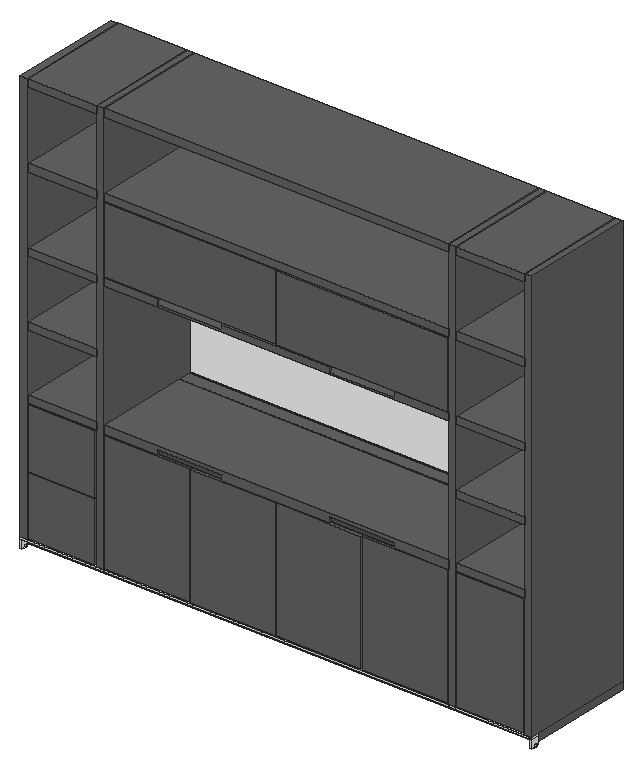
Revit family "Storage-Wall-Teknion-ZXDS_90_High_With_Lights-R2011", category Furniture Systems, Revit 2013
Parameters (values of type "(See Type Catalog)")
  Working Wall Finish [instance] = Glass - Teknion - K6 - White Backpainted
  Width = 108 105/128"
  Warranty = "http://www.teknionstudio.com/pdfs/Teknion%20Studio%20Warranty.pdf"
  Wall Unit Finish [instance] = Veneer - Teknion - P7 - Grey Oak
  Voltage = 120 V
  Unit Weight = 820.00 lbf
  URL = "www.teknionstudio.com"
  Left Tabletop Cutout Offset = if(Has Left Double Doors, 0", 4")  # 0"
  Right Tabletop Cutout Offset = if(Has Right Double Doors, 0", 5")  # 0"
  Right Storage Tower = Storage-Unit-Teknion-Tower : Upper Shelves & Lower Door
  Left Storage Tower = Storage-Unit-Teknion-Tower : Upper Shelves & File/File Pedestal
  Series = "B&B Italia"
  Product Page URL = "http://www.teknionstudio.com/acexecutive/"
  Product Line = "AC Executive"
  Product Documentation Link = "http://www.teknionstudio.com/pricing/ac_executive_storage_walls_ppg.pdf"
  Power Factor = 1
  Part Number = "ZXDS"
  Number of Poles = 1
  Model = ""
  Manufacturer Phone = "919-464-2920"
  Manufacturer Fax = "919-464-2927"
  Manufacturer Email = "customersupport@teknionstudio.com"
  Manufacturer Address = "3940 US 70 Business HWY West, Clayton, NC 27520"
  Manufacturer = "Teknion Studio"  # constant formula
  Low Emitting Material = yes
  Low Emitting Finish = yes
  Height = 89 123/128"
  Has Right File File Drawers = not(Has Right Double Doors)  # no
  Has Right Double Doors = yes
  Has Left File File Drawers = not(Has Left Double Doors)  # no
  Has Left Double Doors = yes
  Description = ""
  Depth = 24"
  Assembly Code = "E2020200"
  Apparent Load = 22.8 VA
Reference planes (in)
  plane 1 "Center F/B": y = 0
  plane 2: z = 0
  plane 3 "Back": y = 12
  plane 4 "Front": y = -12
  plane 5 "Top Wall Cabinets": z = 73.81527
  plane 6: x = 28.60504
  plane 7: z = 29.68402
  plane 8: z = 56.1289
  plane 9: x = -44.78207
  plane 10: z = 2.1289
  plane 11 "Center L/R": x = -8.08858
  plane 12 "Foot Centerline": y = -11.2126
  plane 13 "Tabletop Cutout": y = -12
  plane 14 "Foot Centerline Front": y = -10.22835
  plane 15 "Foot Centerline Back": y = 10.22835
  plane 16: y = -8.484
  plane 17 "Left": x = -62.49874
  plane 18 "Right": x = 46.32157
  plane 19: y = -12
  plane 20 "Top": z = 89.96094
Forms (in)
  Sweep 1, solid, material "Metal - Teknion - C6 - Chrome"
    path origin (0, 0, 0) x (1, 0, 0) y (0, 0, 1)
      loop
        line (-44.78207, 2.1289) -> (28.60504, 2.1289)
    profile origin (-8.08852, 0, 2.1289) x (0, 0, 1) y (0, -1, 0)
      loop
        line (0, 12) -> (-0.394, 12) -> (-0.394, 10.4252) -> (0, 10.4252) -> (0, 12)
  Sweep 2, solid, material "Metal - Teknion - C6 - Chrome"
    path origin (0, 0, 0) x (1, 0, 0) y (0, 0, 1)
      loop
        line (-44.78207, 2.1289) -> (28.60504, 2.1289)
    profile origin (-8.08852, 0, 2.1289) x (0, 0, 1) y (0, -1, 0)
      loop
        line (-0.394, 10.6222) -> (-1.5748, 10.6222) -> (-1.5748, 10.4252) -> (-0.394, 10.4252) -> (-0.394, 10.6222)
  Sweep 3, solid, material "Veneer - Teknion - P7 - Grey Oak" <- "Wall Unit Finish"
    path origin (0, 0, 0) x (1, 0, 0) y (0, 0, 1)
      loop
        line (-44.78207, 29.68402) -> (28.60504, 29.68402)
    profile origin (-8.08852, 0, 29.68402) x (0, 0, 1) y (0, -1, 0)
      loop
        line (0, 12) -> (-1.7638, 12) -> (-1.7638, -7.11393) -> (-5.30827, -7.11393) -> (-5.30827, -11.25) -> (-29.0945, -11.25) -> (-29.0945, -12) -> (44.13126, -12) -> (44.13126, 12) -> (42.59156, 12) -> (42.59156, 11.2126) -> (27.98392, 11.2126) -> (27.98392, 12) -> (26.44488, 12) -> (26.44488, -10.94094) -> (0, -10.94094) -> (0, -10.90969) -> (-0.72441, -10.90969) -> (-0.72441, -10.56693) -> (0, -10.56693) -> (0, -8.05709) -> (-0.72441, -8.05709) -> (-0.72441, -7.80709) -> (0, -7.80709) -> (0, 12)
      loop
        line (60.27692, -12) -> (60.27692, 12) -> (58.73755, 12) -> (58.73755, -12) -> (60.27692, -12)
  Sweep 4, solid, material "Veneer - Teknion - P7 - Grey Oak" <- "Wall Unit Finish"
    path origin (0, 0, 0) x (1, 0, 0) y (0, 0, 1)
      loop
        line (-44.78207, 29.68402) -> (28.60504, 29.68402)
    profile origin (-8.08852, 0, 29.68402) x (0, 0, 1) y (0, -1, 0)
      loop
        line (-1.7638, 11.27559) -> (-27.55512, 11.27559) -> (-27.55512, 10.4252) -> (-29.0945, 10.4252) -> (-29.0945, -11.25) -> (-1.7638, -11.25) -> (-1.7638, 11.27559)
  Sweep 5, solid, material "Veneer - Teknion - P7 - Grey Oak" <- "Wall Unit Finish"
    path origin (0, 0, 15.40683) x (-1, 0, 0) y (0, -1, 0)
      loop
        line (16.17717, 12) -> (16.17717, 11.276)
    profile origin (-16.17717, -11.638, 15.40683) x (-1, 0, 0) y (0, 0, 1)
      loop
        line (28.35376, 42.51244) -> (28.35376, 56.61874) -> (-7.96416, 56.61874) -> (-7.96416, 42.51244) -> (28.35376, 42.51244)
      loop
        line (-8.21416, 56.61874) -> (-44.5322, 56.61874) -> (-44.5322, 42.51244) -> (-8.21416, 42.51244) -> (-8.21416, 56.61874)
  Sweep 6, solid, material "Veneer - Teknion - P7 - Grey Oak" <- "Wall Unit Finish", visible <- "Has Right Double Doors"
    path origin (0, 0, 15.40683) x (-1, 0, 0) y (0, -1, 0)
      loop
        line (16.17717, 12) -> (16.17717, 11.276)
    profile origin (-16.17717, -11.638, 15.40683) x (-1, 0, 0) y (0, 0, 1)
      loop
        line (-44.5322, 12.26339) -> (-44.5322, -13.03482) -> (-26.41531, -13.03482) -> (-26.41531, 12.26339) -> (-44.5322, 12.26339)
      loop
        line (-26.16531, 12.26339) -> (-26.16531, -13.03482) -> (-8.21358, -13.03482) -> (-8.21358, 12.26339) -> (-26.16531, 12.26339)
  Sweep 7, solid, material "Veneer - Teknion - P7 - Grey Oak" <- "Wall Unit Finish", visible <- "Has Right File File Drawers"
    path origin (0, 0, 15.40683) x (-1, 0, 0) y (0, -1, 0)
      loop
        line (16.17717, 12) -> (16.17717, 11.276)
    profile origin (-16.17717, -11.638, 15.40683) x (-1, 0, 0) y (0, 0, 1)
      loop
        line (-44.5315, 12.26339) -> (-44.5315, 0.01144) -> (-8.21358, 0.01144) -> (-8.21358, 12.26339) -> (-44.5315, 12.26339)
      loop
        line (-8.21358, -0.77597) -> (-44.5315, -0.77597) -> (-44.5315, -13.03482) -> (-8.21358, -13.03482) -> (-8.21358, -0.77597)
  Sweep 8, void
    path origin (0, 0, 0) x (1, 0, 0) y (0, 0, 1)
      loop
        line (3.34896, 29.68402) -> (17.12848, 29.68402)
    profile origin (10.23872, 0, 29.68402) x (0, 0, 1) y (0, -1, 0)
      loop
        line (-1.7638, 12) -> (-1.7638, 11.52756) -> (-0.66143, 12) -> (-1.7638, 12)
  Sweep 9, void
    path origin (0, 0, 0) x (1, 0, 0) y (0, 0, 1)
      loop
        line (-33.3248, 56.1289) -> (-19.54528, 56.1289)
    profile origin (-26.43504, 0, 56.1289) x (0, 0, 1) y (0, -1, 0)
      loop
        line (1.53937, 12) -> (0.43699, 12) -> (1.53937, 11.52755) -> (1.53937, 12)
  Sweep 10, void
    path origin (0, 0, 0) x (1, 0, 0) y (0, 0, 1)
      loop
        line (3.36811, 56.1289) -> (17.14764, 56.1289)
    profile origin (10.25787, 0, 56.1289) x (0, 0, 1) y (0, -1, 0)
      loop
        line (1.53937, 11.52755) -> (1.53937, 12) -> (0.43699, 12) -> (1.53937, 11.52755)
  Sweep 11, void
    path origin (0, 0, 0) x (1, 0, 0) y (0, 1, 0)
      loop
        line (-8.08858, 12) -> (-8.08858, 11.25)
    profile origin (-8.08858, 11.625, 0) x (1, 0, 0) y (0, 0, 1)
      loop
        line (32.75666, 25.86173) -> (32.75666, 26.43423)
        arc (32.75666, 26.43423) -> (32.58092, 26.8585) -> (32.15666, 27.03423) r 0.6
        line (32.15666, 27.03423) -> (30.40353, 27.03423)
        arc (30.40353, 27.03423) -> (29.97927, 26.8585) -> (29.80353, 26.43423) r 0.6
        line (29.80353, 26.43423) -> (29.80353, 25.86173)
        arc (29.80353, 25.86173) -> (29.97927, 25.43747) -> (30.40353, 25.26173) r 0.6
        line (30.40353, 25.26173) -> (32.15666, 25.26173)
        arc (32.15666, 25.26173) -> (32.58092, 25.43747) -> (32.75666, 25.86173) r 0.6
      loop
        line (32.75666, 4.2289) -> (32.75666, 4.8014)
        arc (32.75666, 4.8014) -> (32.58092, 5.22566) -> (32.15666, 5.4014) r 0.6
        line (32.15666, 5.4014) -> (30.40353, 5.4014)
        arc (30.40353, 5.4014) -> (29.97927, 5.22566) -> (29.80353, 4.8014) r 0.6
        line (29.80353, 4.8014) -> (29.80353, 4.2289)
        arc (29.80353, 4.2289) -> (29.97927, 3.80464) -> (30.40353, 3.6289) r 0.6
        line (30.40353, 3.6289) -> (32.15666, 3.6289)
        arc (32.15666, 3.6289) -> (32.58092, 3.80464) -> (32.75666, 4.2289) r 0.6
      loop
        arc (-32.75666, 25.86173) -> (-32.58092, 25.43747) -> (-32.15666, 25.26173) r 0.6
        line (-32.15666, 25.26173) -> (-30.40353, 25.26173)
        arc (-30.40353, 25.26173) -> (-29.97927, 25.43747) -> (-29.80353, 25.86173) r 0.6
        line (-29.80353, 25.86173) -> (-29.80353, 26.43423)
        arc (-29.80353, 26.43423) -> (-29.97927, 26.8585) -> (-30.40353, 27.03423) r 0.6
        line (-30.40353, 27.03423) -> (-32.15666, 27.03423)
        arc (-32.15666, 27.03423) -> (-32.58092, 26.8585) -> (-32.75666, 26.43423) r 0.6
        line (-32.75666, 26.43423) -> (-32.75666, 25.86173)
      loop
        arc (-32.75666, 4.2289) -> (-32.58092, 3.80464) -> (-32.15666, 3.6289) r 0.6
        line (-32.15666, 3.6289) -> (-30.40353, 3.6289)
        arc (-30.40353, 3.6289) -> (-29.97927, 3.80464) -> (-29.80353, 4.2289) r 0.6
        line (-29.80353, 4.2289) -> (-29.80353, 4.8014)
        arc (-29.80353, 4.8014) -> (-29.97927, 5.22566) -> (-30.40353, 5.4014) r 0.6
        line (-30.40353, 5.4014) -> (-32.15666, 5.4014)
        arc (-32.15666, 5.4014) -> (-32.58092, 5.22566) -> (-32.75666, 4.8014) r 0.6
        line (-32.75666, 4.8014) -> (-32.75666, 4.2289)
  Sweep 12, solid, material "Veneer - Teknion - P7 - Grey Oak" <- "Wall Unit Finish", visible <- "Has Left File File Drawers"
    path origin (-36.67323, 0, 15.40683) x (-1, 0, 0) y (0, -1, 0)
      loop
        line (-28.58465, 12) -> (-28.58465, 11.276)
    profile origin (-8.08858, -11.638, 15.40683) x (-1, 0, 0) y (0, 0, 1)
      loop
        line (36.44291, 12.26339) -> (0.125, 12.26339) -> (0.125, 0.01144) -> (36.44291, 0.01144) -> (36.44291, 12.26339)
      loop
        line (0.125, -0.77597) -> (0.125, -13.03482) -> (36.44291, -13.03482) -> (36.44291, -0.77597) -> (0.125, -0.77597)
  Sweep 13, solid, material "Veneer - Teknion - P7 - Grey Oak" <- "Wall Unit Finish", visible <- "Has Left Double Doors"
    path origin (-36.6535, 0, 15.40683) x (-1, 0, 0) y (0, -1, 0)
      loop
        line (-28.56492, 12) -> (-28.56492, 11.276)
    profile origin (-8.08858, -11.638, 15.40683) x (-1, 0, 0) y (0, 0, 1)
      loop
        line (0.125, 12.26339) -> (0.125, -13.03482) -> (18.15924, -13.03482) -> (18.15924, 12.26339) -> (0.125, 12.26339)
      loop
        line (18.40924, 12.26339) -> (18.40924, -13.03482) -> (36.44349, -13.03482) -> (36.44349, 12.26339) -> (18.40924, 12.26339)
  Sweep 14, void
    path origin (-35.79532, 0, 0) x (1, 0, 0) y (0, 0, 1)
      loop
        line (2.47023, 29.68402) -> (16.24976, 29.68402)
    profile origin (-26.43533, 0, 29.68402) x (0, 0, 1) y (0, -1, 0)
      loop
        line (-1.7638, 12) -> (-1.7638, 11.52756) -> (-0.66143, 12) -> (-1.7638, 12)
Cuts and joins
  joined: Sweep 1, Sweep 2
  Sweep 8, Sweep 9, Sweep 10, Sweep 11, Sweep 14 cuts Sweep 3
Lines and regions (in)
  Masking region 1
    outline origin (0, 0, 15.40683) x (-1, 0, 0) y (0, -1, 0)
      loop
        line (44.78207, -12) -> (44.78207, 12) -> (-28.60504, 12) -> (-28.60504, -12) -> (44.78207, -12)
  symbolic lines, style "Elevation Swing"
    curve 1: line (-44.78207, -12, 57.66827) -> (-26.43533, -12, 72.02557)
    curve 2: line (-8.08858, -12, 57.66832) -> (-26.43533, -12, 72.02557)
    curve 3: line (-8.08858, 0, 57.66832) -> (10.25823, 0, 72.02557)
    curve 4: line (10.25823, 0, 72.02557) -> (28.60504, 0, 57.66827)
  symbolic lines, style "Elevation Swing", visible <- "Has Right Double Doors"
    curve 5: line (9.98815, 0, 27.67022) -> (-7.96358, 0, 15.02111)
    curve 6: line (-7.96358, 0, 15.02111) -> (9.98815, 0, 2.37201)
    curve 7: line (10.23815, 0, 2.37201) -> (28.3549, 0, 15.02456)
    curve 8: line (28.3549, 0, 15.02456) -> (10.23815, 0, 27.67022)
  symbolic lines, detail levels medium+fine
    curve 9: line (-8.08852, 12, 15.40683) -> (-8.08852, -12, 15.40683)
  symbolic lines, style "FurnitureSystemsHiddenLines", detail levels fine
    curve 10: line (28.6049, -11.276, 15.40683) -> (-44.78207, -11.276, 15.40683)
    curve 15: line (28.6049, 12, 15.40683) -> (28.6049, -12, 15.40683)
  symbolic lines, visible <- "Has Right Double Doors"
    curve 11: arc (10.25826, -12, 15.40683) -> (15.63187, -24.97304, 15.40683) -> (28.6049, -30.34664, 15.40683) r 18.34664
    curve 12: line (-8.08852, -12, 15.40683) -> (-8.08852, -30.34678, 15.40683)
    curve 13: line (28.6049, -12, 15.40683) -> (28.6049, -30.34664, 15.40683)
    curve 14: arc (-8.08852, -30.34678, 15.40683) -> (4.88461, -24.97313, 15.40683) -> (10.25826, -12, 15.40683) r 18.34678
  symbolic lines, style "Elevation Swing", visible <- "Has Left Double Doors"
    curve 16: line (-26.24783, 0, 2.37201) -> (-8.21358, 0, 15.02111)
    curve 17: line (-8.21358, 0, 15.02111) -> (-26.24783, 0, 27.67022)
    curve 18: line (-26.49783, 0, 27.67022) -> (-44.53207, 0, 15.02111)
    curve 19: line (-44.53207, 0, 15.02111) -> (-26.49783, 0, 2.37201)
  symbolic lines, visible <- "Has Left Double Doors"
    curve 20: arc (-26.43529, -12, 15.40683) -> (-31.80894, -24.97313, 15.40683) -> (-44.78207, -30.34678, 15.40683) r 18.34678
    curve 21: line (-8.08852, -12, 15.40683) -> (-8.08852, -30.34678, 15.40683)
    curve 22: line (-44.78207, -12, 15.40683) -> (-44.78207, -30.34678, 15.40683)
    curve 23: arc (-8.08852, -30.34678, 15.40683) -> (-21.06165, -24.97313, 15.40683) -> (-26.43529, -12, 15.40683) r 18.34678
Dimensions and locks (in)
  equal spacing: plane 3 "Back", plane 1 "Center F/B", plane 4 "Front"
  "Depth": plane 3 "Back" to plane 4 "Front"
  locked: plane 7 to plane 2 at 29.68402
  locked: plane 8 to plane 7 at 26.44488
  locked: plane 10 to plane 2 at 2.1289
  locked: plane 10 to Sweep 2 sketch curve at 0.394
  locked: Sweep 2 sketch curve to Sweep 2 sketch curve at 1.1808
  plane 4 "Front" to Sweep 2 sketch curve to Sweep 2 sketch curve = 1.3778" locked, 0.197" locked
  locked: plane 4 "Front" to plane 12 "Foot Centerline" at 0.7874
  locked: plane 10 to Sweep 3 sketch curve at 1.53939
  locked: plane 7 to Sweep 3 sketch curve at 1.7638
  Sweep 4 sketch curve to Sweep 4 sketch curve to plane 3 "Back" = 22.52559" locked, 3/4" locked
  locked: plane 7 to Sweep 4 sketch curve at 1.7638
  locked: plane 4 "Front" to Sweep 4 sketch curve at 1.5748
  locked: plane 4 "Front" to Sweep 5 sketch curve at 0.724
  plane 5 "Top Wall Cabinets" to Sweep 5 sketch curve to Sweep 5 sketch curve = 1.7897" locked, 14.1063" locked  (x2)
  Sweep 5 sketch curve to Sweep 5 sketch curve to Sweep 5 sketch curve to Sweep 5 sketch curve = 36.31805", 1/4", 36.31791"
  locked: plane 4 "Front" to Sweep 6 sketch curve at 0.724
  locked: plane 4 "Front" to Sweep 7 sketch curve at 0.724
  locked: Sweep 8 sketch curve to Sweep 8 sketch curve at 13.77953
  locked: plane 7 to Sweep 8 sketch curve at 1.7638
  locked: plane 13 "Tabletop Cutout" to Sweep 8 sketch curve at 0.47244
  locked: Sweep 9 sketch curve to Sweep 9 sketch curve at 13.77953
  locked: Sweep 9 sketch curve to plane 8 at 1.53937
  locked: Sweep 9 sketch curve to plane 8 at 0.43699
  locked: plane 4 "Front" to Sweep 9 sketch curve at 0.47245
  Sweep 10 sketch curve to Sweep 10 sketch curve to plane 8 = 1.10238" locked, 0.43699" locked
  locked: plane 4 "Front" to Sweep 10 sketch curve at 0.47245
  equal spacing: plane 11 "Center L/R", curve 2, plane 9
  equal spacing: plane 6, curve 4, plane 11 "Center L/R"
  locked: plane 4 "Front" to curve 10 at 0.724
  locked: plane 3 "Back" to plane 15 "Foot Centerline Back" at 1.77165
  locked: plane 4 "Front" to plane 14 "Foot Centerline Front" at 1.77165
  locked: plane 4 "Front" to plane 16 at 3.516
  locked: plane 17 "Left" to plane 9 at 17.71667
  locked: Sweep 6 sketch curve to Sweep 6 sketch curve at 25.29821  (x2)
  Sweep 7 sketch curve to Sweep 7 sketch curve to Sweep 7 sketch curve to Sweep 7 sketch curve = 12.25195" locked, 0.7874" locked, 12.25886" locked
  equal spacing: curve 12, curve 14, plane 6
  locked: plane 6 to Sweep 8 sketch curve at 11.47655
  locked: plane 11 "Center L/R" to Sweep 9 sketch curve at 11.45669
  Sweep 10 sketch curve to Sweep 10 sketch curve to plane 11 "Center L/R" = 13.77953" locked, 11.45669" locked
  locked: plane 11 "Center L/R" to Sweep 7 sketch curve at 0.125
  locked: Sweep 7 sketch curve to plane 11 "Center L/R" at 0.125
  locked: plane 7 to Sweep 7 sketch curve at 2.0138
  locked: Sweep 6 sketch curve to plane 11 "Center L/R" at 0.125
  locked: plane 7 to Sweep 6 sketch curve at 2.0138  (x2)
  locked: Sweep 5 sketch curve to plane 6 at 0.25
  locked: plane 6 to plane 18 "Right" at 17.71654
  "Width": plane 17 "Left" to plane 18 "Right"
  equal spacing: plane 17 "Left", plane 11 "Center L/R", plane 18 "Right"
  locked: Sweep 13 sketch curve to Sweep 13 sketch curve at 25.29821  (x2)
  locked: plane 4 "Front" to Sweep 13 sketch curve at 0.724
  locked: plane 11 "Center L/R" to Sweep 13 sketch curve at 0.125
  locked: plane 9 to Sweep 13 sketch curve at 0.25
  Sweep 13 sketch curve to Sweep 13 sketch curve = 18.03424"  (x2)
  locked: Sweep 13 sketch curve to Sweep 13 sketch curve at 0.25
  locked: Sweep 13 sketch curve to plane 10 at 0.24311  (x2)
  locked: plane 4 "Front" to Sweep 12 sketch curve at 0.724
  locked: Sweep 12 sketch curve to plane 10 at 0.24311
  Sweep 12 sketch curve to Sweep 12 sketch curve to Sweep 12 sketch curve to Sweep 12 sketch curve = 12.25195" locked, 0.7874" locked, 12.25886" locked
  locked: Sweep 12 sketch curve to plane 9 at 0.25057
  locked: plane 9 to Sweep 12 sketch curve at 0.25057
  locked: plane 11 "Center L/R" to Sweep 12 sketch curve at 0.125  (x2)
  locked: Sweep 7 sketch curve to plane 6 at 0.25071
  locked: plane 6 to Sweep 7 sketch curve at 0.25071
  plane 6 to Sweep 6 sketch curve = 1/4"
  locked: Sweep 6 sketch curve to Sweep 6 sketch curve at 0.25
  locked: Sweep 14 sketch curve to Sweep 14 sketch curve at 13.77953
  locked: plane 11 "Center L/R" to Sweep 14 sketch curve at 11.45698
  "Right Tabletop Cutout Offset": plane 13 "Tabletop Cutout" to plane 4 "Front"
  "Left Tabletop Cutout Offset": plane 19 to plane 4 "Front"
  equal spacing: curve 22, curve 23, curve 12
  plane 7 to Sweep 14 sketch curve to Sweep 14 sketch curve = 0.66143" locked, 1.10236" locked
  locked: Sweep 14 sketch curve to plane 19 at 0.47244
  locked: plane 3 "Back" to Sweep 3 sketch curve at 0.75
  locked: plane 3 "Back" to Sweep 3 sketch curve at 4.88607
  locked: Sweep 3 sketch curve to plane 7 at 5.30827
  locked: plane 3 "Back" to Sweep 11 sketch curve at 0.75
  plane 6 to Sweep 11 sketch curve to Sweep 11 sketch curve = 3.93696" locked, 2 61/64" locked  (x2)
  Sweep 11 sketch curve to Sweep 11 sketch curve to plane 9 = 2 61/64" locked, 3.93683" locked  (x2)
  plane 7 to Sweep 11 sketch curve to Sweep 11 sketch curve = 2.64978" locked, 1.7725" locked
  Sweep 11 sketch curve to Sweep 11 sketch curve to plane 10 = 1.7725" locked, 1 1/2" locked  (x2)
  locked: plane 10 to Sweep 4 sketch curve at 1.53939
  "Height": plane 20 "Top" to plane 2
  locked: plane 20 "Top" to plane 5 "Top Wall Cabinets" at 16.14566
  locked: plane 20 "Top" to Sweep 3 sketch curve at 1.53937
  locked: plane 5 "Top Wall Cabinets" to Sweep 3 sketch curve at 1.5397
  aligned and locked: level to plane 2
  aligned and locked: Sweep 1 sketch curve to plane 10  (x2)
  aligned and locked: Sweep 1 sketch curve to plane 4 "Front"
  aligned and locked: Sweep 2 sketch curve to plane 10
  aligned and locked: plane 9 to Sweep 3 sketch curve
  aligned and locked: plane 6 to Sweep 3 sketch curve
  aligned and locked: Sweep 3 sketch curve to plane 7  (x4)
  aligned and locked: Sweep 3 sketch curve to plane 4 "Front"  (x2)
  aligned and locked: plane 3 "Back" to Sweep 3 sketch curve  (x2)
  aligned and locked: Sweep 4 sketch curve to plane 7
  aligned and locked: plane 10 to Sweep 4 sketch curve
  aligned and locked: plane 4 "Front" to Sweep 5 sketch curve
  aligned and locked: Sweep 3 sketch curve to plane 8
  aligned and locked: plane 4 "Front" to Sweep 6 sketch curve
  aligned and locked: plane 4 "Front" to Sweep 7 sketch curve
  aligned and locked: Sweep 8 sketch curve to plane 7
  aligned and locked: plane 13 "Tabletop Cutout" to Sweep 8 sketch curve
  aligned and locked: Sweep 9 sketch curve to plane 8
  aligned and locked: Sweep 10 sketch curve to plane 8
  aligned and locked: Sweep 10 sketch curve to plane 4 "Front"
  aligned and locked: plane 9 to curve 1
  aligned and locked: plane 11 "Center L/R" to curve 2
  aligned and locked: Sweep 5 to curve 2
  aligned and locked: plane 6 to curve 4
  aligned and locked: Masking region 1 sketch curve to plane 3 "Back"
  aligned and locked: Masking region 1 sketch curve to plane 4 "Front"
  aligned and locked: plane 3 "Back" to curve 9
  aligned and locked: plane 4 "Front" to curve 9
  aligned and locked: plane 3 "Back" to curve 15
  aligned and locked: plane 4 "Front" to curve 15
  aligned and locked: Sweep 3 sketch curve to plane 5 "Top Wall Cabinets"
  aligned and locked: plane 12 "Foot Centerline" to Sweep 3 sketch curve
  aligned and locked: plane 4 "Front" to Sweep 3 sketch curve  (x2)
  aligned and locked: plane 4 "Front" to curve 14
  aligned: plane 8 to nested 1
  aligned: plane 11 "Center L/R" to nested 1
  aligned and locked: nested 1 to plane 16
  aligned and locked: plane 8 to nested 1
  aligned and locked: plane 11 "Center L/R" to nested 1
  aligned and locked: plane 9 to Masking region 1 sketch curve
  aligned and locked: plane 1 "Center F/B" to Sweep 4 sketch curve
  aligned: plane 11 "Center L/R" to Sweep 4 sketch curve
  aligned and locked: plane 6 to Sweep 4 sketch curve
  aligned and locked: nested 2 to plane 2
  aligned and locked: Sweep 6 to curve 7
  aligned and locked: curve 6 to Sweep 6
  aligned and locked: curve 8 to Sweep 6
  aligned and locked: Sweep 6 to curve 5
  aligned and locked: Sweep 6 to Sweep 6
  aligned and locked: Sweep 6 to curve 6  (x2)
  aligned and locked: curve 7 to Sweep 6
  aligned and locked: Sweep 6 to curve 8
  aligned and locked: plane 9 to nested 2
  aligned and locked: nested 2 to plane 1 "Center F/B"
  aligned and locked: Masking region 1 sketch curve to plane 6
  aligned and locked: plane 1 "Center F/B" to nested 3
  aligned and locked: nested 3 to plane 6
  aligned and locked: plane 2 to nested 3
  aligned and locked: plane 6 to Sweep 1 sketch curve
  aligned and locked: Sweep 13 to Sweep 13
  aligned and locked: plane 9 to Sweep 4 sketch curve
  aligned and locked: plane 4 "Front" to Sweep 13 sketch curve
  aligned and locked: plane 11 "Center L/R" to Sweep 13 sketch curve
  aligned and locked: plane 11 "Center L/R" to Sweep 12 sketch curve
  aligned and locked: plane 4 "Front" to Sweep 12 sketch curve
  aligned and locked: Sweep 13 to curve 19  (x2)
  aligned and locked: curve 16 to Sweep 13
  aligned and locked: curve 18 to Sweep 13
  aligned and locked: Sweep 14 sketch curve to plane 7
  aligned and locked: curve 22 to plane 9
  aligned and locked: curve 12 to curve 23
  aligned and locked: curve 22 to curve 22
  aligned and locked: Sweep 14 sketch curve to plane 19
  aligned and locked: plane 9 to Sweep 1 sketch curve
  aligned and locked: Sweep 11 sketch curve to plane 11 "Center L/R"
  aligned and locked: plane 3 "Back" to Sweep 11 sketch curve
  aligned and locked: Sweep 3 sketch curve to plane 20 "Top"
  aligned and locked: curve 5 to Sweep 6
  aligned and locked: Sweep 5 to curve 3
  aligned and locked: plane 9 to Sweep 2 sketch curve
  aligned and locked: plane 6 to Sweep 2 sketch curve
  aligned and locked: plane 9 to curve 10
Automatic sketch dimensions
  Sweep 4 sketch curve to plane 11 "Center L/R" = 36.69349"
  Sweep 4 sketch curve to plane 6 = 0"
  plane 8 to curve 2 = 1.53942"
  plane 8 to curve 1 = 1.53937"
  profile plane to Sweep 1 sketch curve = 0.394"
  Sweep 1 sketch curve to Sweep 1 sketch curve = 1.5748"
  Sweep 6 sketch curve to Sweep 6 sketch curve = 17.95173"
  Sweep 6 sketch curve to Sweep 6 sketch curve = 18.11689"
  profile plane to Sweep 8 sketch curve = 0.66143"
  Sweep 9 sketch curve to Sweep 9 sketch curve = 0.47245"
  Sweep 11 sketch curve to Sweep 11 sketch curve = 0"  (x6)
  Sweep 11 sketch curve to Sweep 11 sketch curve = 0.6"  (x6)
  Sweep 11 sketch curve to Sweep 11 sketch curve = 1.75312"
  Sweep 11 sketch curve to Sweep 11 sketch curve = 0.5725"  (x4)
  Sweep 11 sketch curve to Sweep 11 sketch curve = 19.86033"
  profile plane to Sweep 3 sketch curve = 0.72441"  (x2)
  Sweep 3 sketch curve to Sweep 3 sketch curve = 1.53904"
  Sweep 3 sketch curve to plane 1 "Center F/B" = 10.94094"
  Sweep 3 sketch curve to Sweep 3 sketch curve = 1/32"
  Sweep 3 sketch curve to Sweep 3 sketch curve = 0.34277"
  Sweep 3 sketch curve to Sweep 3 sketch curve = 0.94316"
  Sweep 3 sketch curve to Sweep 3 sketch curve = 1/4"
  curve 3 to plane 11 "Center L/R" = 0"
  curve 19 to curve 16 = 1/4"
  curve 17 to plane 7 = 2.0138"
  curve 18 to curve 17 = 1/4"
  curve 16 to plane 11 "Center L/R" = 1/8"
  curve 7 to plane 6 = 0.25013"
  plane 10 to curve 5 = 12.89222"
  curve 17 to curve 5 = 0"
  plane 10 to curve 18 = 12.89222"
  plane 10 to curve 8 = 12.89566"
  plane 8 to curve 4 = 1.53937"
  plane 8 to curve 3 = 1.53942"
  curve 14 to curve 23 = 0"
  plane 4 "Front" to curve 20 = 0"
  plane 4 "Front" to curve 22 = 0"
  curve 11 to curve 14 = 0"
  curve 15 to plane 6 = 0.00013"
  curve 20 to curve 23 = 0"
  plane 9 to curve 18 = 18.28424"
  plane 9 to curve 19 = 18.28424"
  Sweep 5 sketch curve to plane 11 "Center L/R" = 8.08858"
  Sweep 6 sketch curve to plane 11 "Center L/R" = 8.08858"
  Sweep 7 sketch curve to plane 11 "Center L/R" = 8.08858"
Nested families (in)
  nested 1: "Lighting-Teknion-Storage_Wall" at (-8.08858, 0.12401, 56.1289), type "Lighting-Teknion-Storage_Wall"
  nested 2: "Storage-Unit-Teknion-Tower" at (-53.64034, 0, 0) x (-1, 0, 0) z (0, 0, 1), type <- "Left Storage Tower", Height <- "Height", type "Upper Shelves & File/File Pedestal"
    with Height 89 123/128", Has Top Shelf yes, Has Right Leg yes, Has Left Leg no, Bottom Drawer Height 13.047"
  nested 3: "Storage-Unit-Teknion-Tower" at (37.46331, 0, 0), type <- "Right Storage Tower", Height <- "Height", type "Upper Shelves & Lower Door"
    with Height 89 123/128", Has Top Shelf yes, Has Right Leg yes, Has Left Leg no, Bottom Drawer Height 26.016"
Connectors (in)
  electrical at (-8.08852, 12, 37.20239), driven by "Number of Poles", driven by "Voltage", driven by "Apparent Load", driven by "Power Factor"
    settings: on cut or joined group of Sweep 3, Sweep 8, Sweep 9, Sweep 10, Sweep 11, Sweep 14, index 1, voltage 120 V, apparent load 0 VA, apparent load phase1 22.8 VA, apparent load phase2 0 VA, apparent load phase3 0 VA, power factor 1, load classification "Other", number of poles 1, system type 31, power factor state 1, is connector primary yes, connector utility no, sub classification motor no, connector description "Electrical Connector"
Definition of nested family "Lighting-Teknion-Storage_Wall"
  Parameters (values of type "Lighting-Teknion-Storage_Wall")
    Wattage = 4.03926 W
    built-in parameter 1150110 = 1 (stored number, unit not read)
    built-in parameter 1114217 = 1 (stored number, unit not read)
    built-in parameter 1150109 = 1 (stored number, unit not read)
    built-in parameter 1150134 = 1
    built-in parameter 1150113 = 1 (stored number, unit not read)
    Offset From Reference Level = 0"
    Lumens = 600 lm
    built-in parameter 1150115 = 1 (stored number, unit not read)
    built-in parameter 1150105 = 190.99 (stored number, unit not read)
    Light Source Symbol Size = 3"
    built-in parameter 1150137 = (empty or 0)
    built-in parameter 1150139 = (empty or 0)
    built-in parameter 1150112 = 1 (stored number, unit not read)
    built-in parameter 1150114 = 1 (stored number, unit not read)
    built-in parameter 1150132 = 2
    built-in parameter 1150102 = (empty or 0)
    built-in parameter 1150138 = (empty or 0)
    built-in parameter 1150107 = 6500 (stored number, unit not read)
    built-in parameter 1150106 = 1.9099 (stored number, unit not read)
    Emit from Line Length = 68"
    built-in parameter 1150104 = 13.8 (stored number, unit not read)
    Dimming Lamp Color Temperature Shift = 1
    Default Elevation = 48"
    Color Filter = 16776172
    built-in parameter 1114218 = 1 (stored number, unit not read)
    built-in parameter 1150133 = 10 (stored number, unit not read)
    Assembly Code = ""
  Reference planes (in)
    plane 1 "Light Source Axis (F/B)": y = -8.60801
    plane 2: z = 0
    plane 3 "Light Source Axis (L/R)": x = 0
    plane 4 "Light Source Elevation": z = 0
    plane 5: z = 0
    plane 6: x = -36.6875
    plane 7: x = 36.6875
  Forms (in)
    Sweep 1, solid, material "Glass - Teknion - CL - Clear"
      path origin (0, 0, 0) x (1, 0, 0) y (0, 1, 0)
        loop
          line (-36.6875, -8.60801) -> (36.6875, -8.60801)
      profile origin (0, -8.60801, 0) x (0, 1, 0) y (0, 0, 1)
        loop
          line (-0.51562, 0) -> (-0.51562, -0.40625) -> (0.51563, -0.40625) -> (0.51563, 0) -> (-0.51562, 0)
  Dimensions and locks (in)
    equal spacing: plane 7, plane 3 "Light Source Axis (L/R)", plane 6
    locked: plane 7 to plane 6 at 73.375
    locked: plane 5 to Sweep 1 sketch curve at 0.40625
    equal spacing: Sweep 1 sketch curve, plane 1 "Light Source Axis (F/B)", Sweep 1 sketch curve
    locked: Sweep 1 sketch curve to Sweep 1 sketch curve at 1.03125
    aligned and locked: plane 3 "Light Source Axis (L/R)" to imposter light
    aligned and locked: plane 1 "Light Source Axis (F/B)" to imposter light
    aligned and locked: plane 4 "Light Source Elevation" to imposter light
    aligned and locked: level to plane 5
    aligned and locked: plane 5 to plane 2
    aligned and locked: plane 6 to Sweep 1 sketch curve
    aligned and locked: plane 7 to Sweep 1 sketch curve
    aligned and locked: plane 1 "Light Source Axis (F/B)" to Sweep 1 sketch curve
    aligned and locked: Sweep 1 sketch curve to profile plane
Definition of nested family "Storage-Unit-Teknion-Tower"
  Parameters (values of type "Upper Wardrobe & Lower Door")
    Width = 17.71654"
    Warranty = "http://www.teknionstudio.com/pdfs/Teknion%20Studio%20Warranty.pdf"
    Wall Unit Finish = Veneer - Teknion - P8 - Light Brushed Oak
    URL = "www.teknionstudio.com"
    Series = "B&B Italia"  # constant formula
    Product Line = "AC Executive"  # constant formula
    Model = ""
    Middle Drawer Height = if(Has Top Drawer, 6.425", 12.719")  # 12.719"
    Manufacturer Phone = "919-464-2920"
    Manufacturer Fax = "919-464-2927"
    Manufacturer Email = "customersupport@teknionstudio.com"
    Manufacturer Address = "3940 US 70 Business HWY West, Clayton, NC 27520"
    Manufacturer = "Teknion Studio"  # constant formula
    Height [instance] = 73.81394"
    Has Top Shelf [instance] = and(Height > 75", Has Shelves)  # no
    Has Top Drawer = no
    Has Top Door = yes
    Has Shelves = no
    Has Right Leg [instance] = yes
    Has Middle Drawer = no
    Has Lower Shelf = yes
    Has Left Leg [instance] = no
    Has Full Wardrobe Door = no
    Has Doors = yes
    Door Projection Symbol = yes
    Description = "Tower Storage Unit"
    Depth = 24"
    Bottom Drawer Height [instance] = if(Has Middle Drawer, 13.047", if(Has Top Drawer, 13.047", if(Has Full Wardrobe Door, (Height - 3.668"), 26.016")))  # 26.016"
    Assembly Code = "E2010200"
  Types (7): name | Middle Drawer Height | Has Top Drawer | Has Top Door | Has Shelves | Has Middle Drawer | Has Lower Shelf | Has Full Wardrobe Door | Has Doors | Door Projection Symbol | Bottom Drawer Height
    Upper Shelves & Lower Door | 12.719" | no | no | yes | no | yes | no | yes | yes | 26.016"
    Upper Shelves & File/File Pedestal | 12.719" | no | no | yes | yes | yes | no | no | no | 13.047"
    Upper Shelves & Box/Box/File Pedestal | 6.425" | yes | no | yes | yes | yes | yes | no | no | 13.047"
    Full Wardrobe | 12.719" | no | no | no | no | no | yes | yes | yes | 70.14594"
    Upper Wardrobe & Lower Door | 12.719" | no | yes | no | no | yes | no | yes | yes | 26.016"
    Upper Wardrobe & File/File Pedestal | 12.719" | no | yes | no | yes | yes | no | no | yes | 13.047"
    Upper Wardrobe & Box/Box/File Pedestal | 6.425" | yes | yes | no | yes | yes | no | no | yes | 13.047"
  Reference planes (in)
    plane 1 "Center F/B": y = 0
    plane 2: z = 0
    plane 3 "Center L/R": x = 0
    plane 4 "Left": x = -8.85827
    plane 5 "Right": x = 8.85827
    plane 6 "Back": y = 12
    plane 7 "Front": y = -12
    plane 8 "Top": z = 73.81394
    plane 9: x = -7.3189
    plane 10: x = 7.3189
    plane 11: z = 2.1289
    plane 12 "Foot Centerline": y = -11.2126
    plane 13: z = 29.68402
    plane 14 "Drawer 1 Top": z = 28.1449
    plane 15 "Drawer 2 Top": z = 40.8639
    plane 16 "Drawer 3 Top": z = 27.89502
    plane 17: z = 42.13677
  Forms (in)
    Sweep 1, solid, material "Metal - Teknion - C6 - Chrome", visible <- "Has Left Leg"
      path origin (0, -12, 0) x (1, 0, 0) y (0, 0, 1)
        loop
          line (-8.85827, 1.7349) -> (-8.85827, 0.05803)
      profile origin (-8.85827, -12, 0.89646) x (0, -1, 0) y (1, 0, 0)
        loop
          line (-1.5748, 0) -> (0, 0) -> (0, 0.394) -> (-1.5748, 0.394) -> (-1.5748, 0)
    Sweep 2, solid, material "Metal - Teknion - C6 - Chrome"
      path origin (0, -12, 0) x (1, 0, 0) y (0, 0, 1)
        loop
          line (-8.85827, 2.1289) -> (8.46427, 2.1289)
      profile origin (-0.197, -12, 2.1289) x (0, 0, 1) y (0, -1, 0)
        loop
          line (-0.394, -1.5748) -> (-0.394, -1.3778) -> (-1.575, -1.3778) -> (-1.575, -1.5748) -> (-0.394, -1.5748)
    Revolve 3, solid, material "Metal - Teknion - C6 - Chrome"
      sketch origin (0, -11.2126, 0) x (0, 0, -1) y (1, 0, 0)
        loop
          line (-0.4911, 8.32677) -> (-0.45173, 8.2874) -> (-0.28492, 8.2874) -> (-0.24555, 8.32677) -> (-0.20618, 8.2874) -> (-0.03937, 8.2874) -> (0, 8.32677) -> (0, 8.66142) -> (-0.4911, 8.66142) -> (-0.4911, 8.32677)
        axis (0, 8.66142) -> (-0.4911, 8.66142)
      angle from 0 to 360
    Revolve 4, solid, material "Metal - Teknion - C6 - Chrome", visible <- "Has Left Leg"
      sketch origin (0, -11.2126, 0) x (0, 0, -1) y (1, 0, 0)
        loop
          line (0, -8.99606) -> (0, -8.66142) -> (-0.4911, -8.66142) -> (-0.4911, -8.99606) -> (-0.45173, -9.03543) -> (-0.28492, -9.03543) -> (-0.24555, -8.99606) -> (-0.20618, -9.03543) -> (-0.03937, -9.03543) -> (0, -8.99606)
        axis (0, -8.66142) -> (-0.4911, -8.66142)
      angle from 0 to 360
    Sweep 5, solid, material "Veneer - Teknion - P8 - Light Brushed Oak" <- "Wall Unit Finish"
      path origin (0, 0, 0) x (1, 0, 0) y (0, 0, 1)
        loop
          line (0, 2.1289) -> (0, 73.81394)
      profile origin (0, 0, 37.97142) x (-1, 0, 0) y (0, -1, 0)
        loop
          line (8.85827, -12) -> (8.85827, 12) -> (7.3189, 12) -> (7.3189, -12) -> (8.85827, -12)
        loop
          line (-7.3189, 12) -> (-8.85827, 12) -> (-8.85827, -12) -> (-7.3189, -12) -> (-7.3189, 12)
    Sweep 6, solid, material "Veneer - Teknion - P8 - Light Brushed Oak" <- "Wall Unit Finish"
      path origin (0, 0, 15.40683) x (-1, 0, 0) y (0, -1, 0)
        loop
          line (0, -12) -> (0, 12)
      profile origin (0, 0, 15.40683) x (1, 0, 0) y (0, 0, 1)
        loop
          line (-7.3189, 58.4071) -> (-7.3189, 56.86773) -> (7.3189, 56.86773) -> (7.3189, 58.4071) -> (-7.3189, 58.4071)
    Sweep 7, solid, material "Veneer - Teknion - P8 - Light Brushed Oak" <- "Wall Unit Finish"
      path origin (0, -12, 0) x (1, 0, 0) y (0, 0, 1)
        loop
          line (0, 2.1289) -> (0, 72.27457)
      profile origin (0, -12, 37.20173) x (-1, 0, 0) y (0, -1, 0)
        loop
          line (7.3189, -24) -> (7.3189, -23.25) -> (-7.3189, -23.25) -> (-7.3189, -24) -> (7.3189, -24)
    Sweep 8, solid, material "Veneer - Teknion - P8 - Light Brushed Oak" <- "Wall Unit Finish", visible <- "Has Lower Shelf"
      path origin (0, -12, 0) x (1, 0, 0) y (0, 0, 1)
        loop
          line (-7.3189, 29.68402) -> (7.3189, 29.68402)
      profile origin (0, -12, 29.68402) x (0, 0, 1) y (0, -1, 0)
        loop
          line (0, 0) -> (-1.539, 0) -> (-1.539, -0.724) -> (-27.55512, -0.724) -> (-27.55512, -23.25) -> (0, -23.25) -> (0, 0)
    Sweep 9, solid, material "Veneer - Teknion - P8 - Light Brushed Oak" <- "Wall Unit Finish"
      path origin (0, -12, 0) x (1, 0, 0) y (0, 0, 1)
        loop
          line (0, 2.3789) -> (0, 27.8949)
      profile origin (0, -12, 15.1369) x (-1, 0, 0) y (0, -1, 0)
        loop
          line (7.0689, -0.724) -> (7.0689, 0) -> (-7.0689, 0) -> (-7.0689, -0.724) -> (7.0689, -0.724)
    Sweep 10, solid, material "Veneer - Teknion - P8 - Light Brushed Oak" <- "Wall Unit Finish", visible <- "Has Middle Drawer"
      path origin (0, -12, 0) x (1, 0, 0) y (0, 0, 1)
        loop
          line (0, 28.1449) -> (0, 40.8639)
      profile origin (0, -12, 34.5044) x (-1, 0, 0) y (0, -1, 0)
        loop
          line (7.0689, -0.724) -> (7.0689, 0) -> (-7.0689, 0) -> (-7.0689, -0.724) -> (7.0689, -0.724)
    Sweep 11, solid, material "Veneer - Teknion - P8 - Light Brushed Oak" <- "Wall Unit Finish", visible <- "Has Top Drawer"
      path origin (0, -12, 0) x (1, 0, 0) y (0, 0, 1)
        loop
          line (0, 47.15802) -> (0, 41.1139)
      profile origin (0, -12, 44.13596) x (0, -1, 0) y (1, 0, 0)
        loop
          line (0, 7.0689) -> (-0.724, 7.0689) -> (-0.724, -7.0689) -> (0, -7.0689) -> (0, 7.0689)
    Sweep 12, solid, material "Veneer - Teknion - P8 - Light Brushed Oak" <- "Wall Unit Finish", visible <- "Has Shelves"
      path origin (0, -12, 0) x (1, 0, 0) y (0, 0, 1)
        loop
          line (0, 42.13677) -> (0, 43.67614)
      profile origin (0, -12, 42.90646) x (-1, 0, 0) y (0, -1, 0)
        loop
          line (7.3189, -23.25) -> (7.3189, 0) -> (-7.3189, 0) -> (-7.3189, -23.25) -> (7.3189, -23.25)
    Sweep 13, solid, material "Veneer - Teknion - P8 - Light Brushed Oak" <- "Wall Unit Finish", visible <- "Has Shelves"
      path origin (0, -12, 13.9918) x (1, 0, 0) y (0, 0, 1)
        loop
          line (0, 42.13677) -> (0, 43.67614)
      profile origin (0, -12, 56.89825) x (-1, 0, 0) y (0, -1, 0)
        loop
          line (7.3189, -23.25) -> (7.3189, 0) -> (-7.3189, 0) -> (-7.3189, -23.25) -> (7.3189, -23.25)
    Sweep 14, solid, material "Veneer - Teknion - P8 - Light Brushed Oak" <- "Wall Unit Finish", visible <- "Has Top Door"
      path origin (0, -12, 0) x (1, 0, 0) y (0, 0, 1)
        loop
          line (0, 29.93402) -> (0, 72.02457)
      profile origin (0, -12, 50.97929) x (-1, 0, 0) y (0, -1, 0)
        loop
          line (7.0689, -0.724) -> (7.0689, 0) -> (-7.0689, 0) -> (-7.0689, -0.724) -> (7.0689, -0.724)
    Sweep 15, solid, material "Veneer - Teknion - P8 - Light Brushed Oak" <- "Wall Unit Finish"
      path origin (0, -12, 0) x (1, 0, 0) y (0, 0, 1)
        loop
          line (-8.85827, 2.1289) -> (8.85827, 2.1289)
      profile origin (0, -12, 2.1289) x (0, 0, 1) y (0, -1, 0)
        loop
          line (0, -1.5748) -> (-1.53937, -1.5748) -> (-1.53937, -24) -> (0, -24) -> (0, -1.5748)
    Sweep 16, solid, material "Veneer - Teknion - P8 - Light Brushed Oak" <- "Wall Unit Finish", visible <- "Has Top Shelf"
      path origin (0, 0, 0) x (1, 0, 0) y (0, 0, 1)
        loop
          line (0, 73.81394) -> (0, 72.27457)
      profile origin (0, 0, 73.04425) x (0, -1, 0) y (1, 0, 0)
        loop
          line (-11.25, -7.3189) -> (12, -7.3189) -> (12, 7.3189) -> (-11.25, 7.3189) -> (-11.25, -7.3189)
    Sweep 17, solid, material "Metal - Teknion - C6 - Chrome"
      path origin (0, 0, 0) x (1, 0, 0) y (0, 0, 1)
        loop
          line (-8.85827, 2.1289) -> (8.85827, 2.1289)
      profile origin (0, 0, 2.1289) x (0, 0, 1) y (0, -1, 0)
        loop
          line (0, 10.4252) -> (0, 12) -> (-0.394, 12) -> (-0.394, 10.4252) -> (0, 10.4252)
    Sweep 18, solid, material "Metal - Teknion - C6 - Chrome"
      path origin (0, 0, 0) x (1, 0, 0) y (0, 0, 1)
        loop
          line (8.85827, 1.7349) -> (8.85827, 0.05803)
      profile origin (8.85827, 0, 0.89646) x (0, -1, 0) y (1, 0, 0)
        loop
          line (10.4252, -0.394) -> (12, -0.394) -> (12, 0) -> (10.4252, 0) -> (10.4252, -0.394)
  Lines and regions (in)
    Masking region 1
      outline origin (0, 0, 15.40683) x (-1, 0, 0) y (0, -1, 0)
        loop
          line (8.85827, -12) -> (8.85827, 12) -> (-8.85827, 12) -> (-8.85827, -12) -> (8.85827, -12)
    symbolic lines, style "FurnitureSystems", detail levels medium+fine
      curve 1: line (-7.3189, 12, 15.40683) -> (-7.3189, -12, 15.40683)
      curve 2: line (7.3189, 12, 15.40683) -> (7.3189, -12, 15.40683)
    symbolic lines, style "FurnitureSystemsHiddenLines", detail levels fine
      curve 3: line (-7.3189, -11.276, 15.40683) -> (7.3189, -11.276, 15.40683)
    symbolic lines, style "Elevation Swing", visible <- "Has Doors"
      curve 4: line (-7.3189, -12, 2.1289) -> (7.3189, -12, 15.1369)
      curve 5: line (7.3189, -12, 15.1369) -> (-7.3189, -12, 28.1449)
    symbolic lines, style "Elevation Swing", visible <- "Has Top Door"
      curve 6: line (-7.3189, -12, 29.68402) -> (7.3189, -12, 50.97929)
      curve 7: line (7.3189, -12, 50.97929) -> (-7.3189, -12, 72.27457)
    symbolic lines, style "FurnitureSystems", visible <- "Door Projection Symbol"
      curve 8: arc (-7.3189, -12, 0) -> (-3.03159, -22.35048, 0) -> (7.3189, -26.6378, 0) r 14.6378
    symbolic lines, visible <- "Door Projection Symbol"
      curve 9: line (7.3189, -12, 15.40683) -> (7.3189, -26.6378, 15.40683)
  Dimensions and locks (in)
    equal spacing: plane 4 "Left", plane 3 "Center L/R", plane 5 "Right"
    "Width": plane 4 "Left" to plane 5 "Right"
    equal spacing: plane 6 "Back", plane 1 "Center F/B", plane 7 "Front"
    "Depth": plane 6 "Back" to plane 7 "Front"
    locked: plane 4 "Left" to plane 9 at 1.53937
    locked: plane 10 to plane 5 "Right" at 1.53937
    "Height": plane 8 "Top" to level
    locked: Sweep 1 sketch curve to level at 0.05803
    locked: plane 11 to plane 2 at 2.1289
    plane 11 to Sweep 2 sketch curve to Sweep 2 sketch curve = 0.394" locked, 1.181" locked
    plane 7 "Front" to Sweep 2 sketch curve to Sweep 2 sketch curve = 1.3778" locked, 0.197" locked
    locked: Revolve 3 sketch curve to plane 2 at 0.4911  (x2)
    locked: plane 5 "Right" to Revolve 3 sketch curve at 0.57087
    locked: plane 7 "Front" to plane 12 "Foot Centerline" at 0.7874
    Revolve 3 sketch curve to Revolve 3 sketch curve to Revolve 3 sketch curve to Revolve 3 sketch curve to plane 2 = 0.16681" locked, 0.07874" locked, 0.16681" locked, 0.03937" locked
    locked: Revolve 4 sketch curve to plane 2 at 0.4911  (x2)
    locked: Revolve 4 sketch curve to Revolve 4 sketch curve at 0.37402
    Revolve 4 sketch curve to Revolve 4 sketch curve to Revolve 4 sketch curve to Revolve 4 sketch curve to plane 2 = 0.16681" locked, 0.07874" locked, 0.16681" locked, 0.03937" locked
    locked: Revolve 4 sketch curve to plane 4 "Left" at 0.19685
    locked: plane 8 "Top" to Sweep 6 sketch curve at 1.53937
    locked: plane 8 "Top" to Sweep 7 sketch curve at 1.53937
    locked: plane 6 "Back" to Sweep 7 sketch curve at 0.75
    locked: plane 13 to plane 2 at 29.68402
    locked: plane 7 "Front" to Sweep 8 sketch curve at 0.724
    locked: plane 13 to Sweep 8 sketch curve at 1.539
    locked: plane 13 to plane 16 "Drawer 3 Top" at 1.789
    "Bottom Drawer Height": plane 14 "Drawer 1 Top" to plane 11
    "Middle Drawer Height": plane 15 "Drawer 2 Top" to plane 14 "Drawer 1 Top"
    locked: plane 14 "Drawer 1 Top" to Sweep 9 sketch curve at 0.25
    locked: plane 7 "Front" to Sweep 9 sketch curve at 0.724
    locked: Sweep 10 sketch curve to plane 12 "Foot Centerline" at 0.0634
    locked: plane 7 "Front" to Sweep 11 sketch curve at 0.724
    locked: plane 17 to plane 13 at 12.45276
    group 1 to group 2 = 0"  (x2)
    group 1 to group 2 = 13.9918"
    locked: Sweep 13 to plane 17 at 13.9918
    locked: plane 8 "Top" to Sweep 14 sketch curve at 1.78937
    locked: Sweep 14 sketch curve to plane 13 at 0.25
    locked: plane 7 "Front" to Sweep 14 sketch curve at 0.724
    locked: plane 11 to Sweep 15 sketch curve at 1.53937
    locked: plane 7 "Front" to Sweep 15 sketch curve at 1.5748
    equal spacing: Sweep 6, curve 7, plane 13
    equal spacing: plane 14 "Drawer 1 Top", curve 5, plane 11
    locked: plane 6 "Back" to Sweep 16 sketch curve at 0.75
    Sweep 16 sketch curve to Sweep 16 sketch curve to plane 2 = 1.53937" locked, 72.27457" locked
    locked: Sweep 9 sketch curve to plane 11 at 0.25
    locked: plane 9 to Sweep 9 sketch curve at 0.25
    locked: Sweep 9 sketch curve to plane 10 at 0.25
    locked: Sweep 11 sketch curve to plane 15 "Drawer 2 Top" at 0.25
    locked: plane 9 to Sweep 11 sketch curve at 0.25
    locked: Sweep 11 sketch curve to plane 10 at 0.25
    locked: Sweep 10 sketch curve to plane 10 at 0.25
    locked: plane 9 to Sweep 10 sketch curve at 0.25
    locked: Sweep 11 sketch curve to Sweep 11 sketch curve at 6.04412
    locked: Sweep 14 sketch curve to plane 10 at 0.25
    locked: plane 9 to Sweep 14 sketch curve at 0.25
    locked: plane 4 "Left" to Sweep 1 sketch curve at 0.394
    locked: plane 7 "Front" to Sweep 1 sketch curve at 1.5748
    locked: plane 11 to Sweep 1 sketch curve at 0.394
    locked: Sweep 17 sketch curve to plane 7 "Front" at 1.5748
    locked: plane 11 to Sweep 17 sketch curve at 0.394
    locked: Sweep 18 sketch curve to plane 2 at 0.05803
    locked: Sweep 18 sketch curve to plane 5 "Right" at 0.394
    locked: plane 7 "Front" to Sweep 18 sketch curve at 1.5748
    locked: plane 11 to Sweep 18 sketch curve at 0.394
    locked: plane 5 "Right" to Sweep 2 sketch curve at 0.394
    aligned and locked: level to plane 2
    aligned and locked: Sweep 1 sketch curve to plane 4 "Left"
    aligned and locked: Sweep 2 sketch curve to plane 11
    aligned and locked: plane 2 to Revolve 3 sketch curve
    aligned and locked: Revolve 3 sketch curve to plane 2
    aligned and locked: plane 2 to Revolve 4 sketch curve
    aligned and locked: Revolve 4 sketch curve to plane 2
    aligned and locked: plane 8 "Top" to Sweep 5 sketch curve
    aligned and locked: plane 11 to Sweep 5 sketch curve
    aligned and locked: plane 3 "Center L/R" to Sweep 5 sketch curve
    aligned and locked: Sweep 5 sketch curve to plane 6 "Back"
    aligned and locked: plane 6 "Back" to Sweep 5 sketch curve
    aligned and locked: Sweep 5 sketch curve to plane 10
    aligned and locked: plane 5 "Right" to Sweep 5 sketch curve
    aligned and locked: Sweep 5 sketch curve to plane 9
    aligned and locked: plane 4 "Left" to Sweep 5 sketch curve
    aligned and locked: Sweep 5 sketch curve to plane 7 "Front"
    aligned and locked: plane 7 "Front" to Sweep 5 sketch curve
    aligned and locked: plane 6 "Back" to Sweep 6 sketch curve
    aligned and locked: plane 7 "Front" to Sweep 6 sketch curve
    aligned and locked: Sweep 6 sketch curve to plane 3 "Center L/R"
    aligned and locked: plane 9 to Sweep 6 sketch curve
    aligned and locked: Sweep 6 sketch curve to plane 8 "Top"
    aligned and locked: Sweep 6 sketch curve to plane 10
    aligned and locked: plane 11 to Sweep 7 sketch curve
    aligned and locked: plane 3 "Center L/R" to Sweep 7 sketch curve
    aligned and locked: plane 9 to Sweep 7 sketch curve
    aligned and locked: Sweep 7 sketch curve to plane 10
    aligned and locked: Sweep 7 sketch curve to plane 6 "Back"
    aligned and locked: plane 9 to Sweep 8 sketch curve
    aligned and locked: plane 10 to Sweep 8 sketch curve
    aligned and locked: Sweep 8 sketch curve to plane 13  (x2)
    aligned and locked: plane 7 "Front" to Sweep 8 sketch curve
    aligned and locked: Sweep 8 sketch curve to plane 11
    aligned and locked: plane 3 "Center L/R" to Sweep 9 sketch curve
    aligned and locked: Sweep 9 sketch curve to plane 7 "Front"
    aligned and locked: plane 15 "Drawer 2 Top" to Sweep 10 sketch curve
    aligned and locked: plane 14 "Drawer 1 Top" to Sweep 10 sketch curve
    aligned and locked: plane 3 "Center L/R" to Sweep 10 sketch curve
    aligned and locked: plane 7 "Front" to Sweep 10 sketch curve
    aligned and locked: Sweep 11 sketch curve to plane 3 "Center L/R"
    aligned and locked: Sweep 11 sketch curve to plane 7 "Front"
    aligned and locked: Sweep 13 to plane 9
    aligned and locked: plane 3 "Center L/R" to Sweep 14 sketch curve
    aligned and locked: Sweep 14 sketch curve to plane 7 "Front"
    aligned and locked: plane 4 "Left" to Sweep 15 sketch curve
    aligned and locked: plane 5 "Right" to Sweep 15 sketch curve
    aligned and locked: Sweep 15 sketch curve to plane 11  (x2)
    aligned and locked: Sweep 15 sketch curve to plane 6 "Back"
    aligned and locked: plane 4 "Left" to Masking region 1 sketch curve
    aligned and locked: Masking region 1 sketch curve to plane 6 "Back"
    aligned and locked: Masking region 1 sketch curve to plane 5 "Right"
    aligned and locked: Masking region 1 sketch curve to plane 7 "Front"
    aligned and locked: plane 6 "Back" to curve 1
    aligned and locked: curve 1 to plane 9
    aligned and locked: plane 7 "Front" to curve 2
    aligned and locked: plane 6 "Back" to curve 2
    aligned and locked: curve 2 to plane 10
    aligned and locked: plane 9 to curve 3
    aligned and locked: plane 10 to curve 3
    aligned and locked: curve 3 to Sweep 14
    aligned and locked: plane 11 to curve 4
    aligned and locked: plane 9 to curve 4
    aligned and locked: plane 10 to curve 5
    aligned and locked: plane 9 to curve 5
    aligned and locked: plane 14 "Drawer 1 Top" to curve 5
    aligned and locked: plane 13 to curve 6
    aligned and locked: plane 9 to curve 6
    aligned and locked: plane 9 to curve 7
    aligned and locked: curve 7 to Sweep 6
    aligned and locked: plane 7 "Front" to curve 8
    aligned and locked: curve 8 to plane 10
    aligned and locked: Sweep 16 sketch curve to plane 3 "Center L/R"
    aligned and locked: plane 9 to Sweep 16 sketch curve
    aligned and locked: Sweep 16 sketch curve to plane 10
    aligned and locked: Sweep 16 sketch curve to plane 7 "Front"
    aligned and locked: plane 4 "Left" to Sweep 17 sketch curve
    aligned and locked: plane 5 "Right" to Sweep 17 sketch curve
    aligned and locked: Sweep 17 sketch curve to plane 11  (x2)
    aligned and locked: Sweep 17 sketch curve to plane 7 "Front"
    aligned and locked: Sweep 18 sketch curve to plane 5 "Right"  (x2)
    aligned and locked: Sweep 18 sketch curve to plane 7 "Front"
    aligned and locked: plane 4 "Left" to Sweep 2 sketch curve
  Automatic sketch dimensions
    Revolve 3 sketch curve to Revolve 3 sketch curve = 0.03937"  (x3)
    Revolve 3 sketch curve to Revolve 3 sketch curve = 0"  (x2)
    Revolve 3 sketch curve to plane 5 "Right" = 0.19685"
    Revolve 4 sketch curve to Revolve 4 sketch curve = 0.03937"  (x3)
    Revolve 4 sketch curve to Revolve 4 sketch curve = 0"  (x2)
    Sweep 12 sketch curve to Sweep 12 sketch curve = 1.53937"
    profile plane to Sweep 12 sketch curve = 0"
    profile plane to Sweep 12 sketch curve = 7.3189"
    Sweep 12 sketch curve to profile plane = 7.3189"
    Sweep 12 sketch curve to profile plane = 23 1/4"
    Sweep 13 sketch curve to Sweep 13 sketch curve = 1.53937"
    profile plane to Sweep 13 sketch curve = 0"
    profile plane to Sweep 13 sketch curve = 7.3189"
    Sweep 13 sketch curve to profile plane = 7.3189"
    Sweep 13 sketch curve to profile plane = 23 1/4"
    Sweep 8 sketch curve to Sweep 8 sketch curve = 22.526"
    curve 7 to plane 10 = 0"
    curve 8 to plane 9 = 0"
    plane 7 "Front" to curve 1 = 0"
    plane 7 "Front" to curve 9 = 14.6378"
    Sweep 1 sketch curve to profile plane = 0"
    plane 7 "Front" to Sweep 1 sketch curve = 0"
